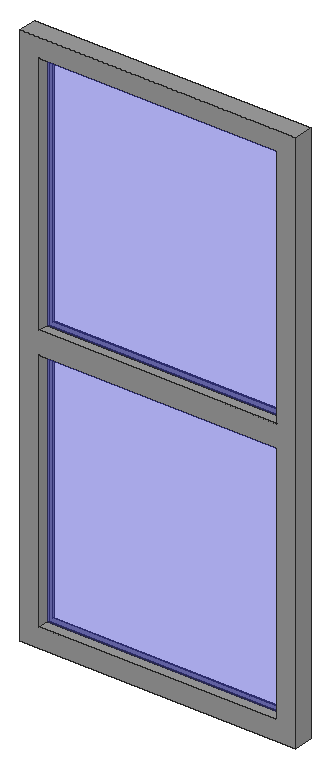
Revit family "12PL FX004_v02", category Windows, host Wall, Revit 2015
Parameters
  URL = "obe.com"
  Transom Height = 3' - 0"
  Model = "12PL FX004"
  Manufacturer = "Oldcastle BuildingEnvelope®"
  Keynote = "08 51 00"
  Fixed Height = 3' - 0"
  Wall Thickness [instance] = 0' - 6"
  Rough Width = Width + 0' 0 1/2"  # 3' - 0 1/2"
  Rough Height = Height + 0' 0 1/2"  # 6' - 0 1/2"
  Offset Limitation [instance] = if((Offset + 0' 2 1/2") > Wall Thickness, (Wall Thickness - 0' 2 1/2"), Offset)  # 0' - 0"
  Offset [instance] = 0' - 0"
  Height = Fixed Height + Transom Height  # 6' - 0"
  Glass Material = Glass
  Frame Material = Aluminum
  Description = "SIGNATURE SERIES 12PL"
  Default Sill Height = 2' - 0"
  Wall Closure = By host
  Width = 3' - 0"
  Construction Type = ""
  Assembly Code = "B2020"
Reference planes (in)
  plane 1 "Center (Front/Back)": y = 0
  plane 2: z = 0
  plane 3 "Center (Left/Right)": x = 0
  plane 4 "Left": x = -18.25
  plane 5 "Right": x = 18.25
  plane 6 "Sill": z = 24
  plane 7 "Top": z = 96.5
  plane 8 "Offset": y = 3
  plane 9: x = 18
  plane 10: x = -18
  plane 11: z = 96.25
  plane 12: z = 24.25
  plane 13 "Center": z = 60.25
  plane 14: z = 59.3125
  plane 15: z = 26
  plane 16: z = 61.1875
  plane 17: z = 94.5
Forms (in)
  Sweep 1, solid, material "Aluminum" <- "Frame Material"
    path origin (0, 3, 0) x (1, 0, 0) y (0, 0, 1)
      loop
        line (-18, 96.5) -> (-18, 24)
    profile origin (-18, 3, 60.25) x (0, -1, 0) y (1, 0, 0)
      loop
        line (2.49911, 2.25) -> (1.21875, 2.25) -> (1.21875, 1.75) -> (0.21875, 1.75) -> (0.21875, 2.25) -> (0, 2.25) -> (0, -0.25) -> (2.49911, -0.25) -> (2.49911, 2.25)
  Sweep 2, solid, material "Aluminum" <- "Frame Material"
    path origin (0, 3, 0) x (-1, 0, 0) y (0, 0, 1)
      loop
        line (-18, 96.5) -> (-18, 24)
    profile origin (18, 3, 60.25) x (0, -1, 0) y (1, 0, 0)
      loop
        line (2.49911, -2.25) -> (2.49911, 0.25) -> (0, 0.25) -> (0, -2.25) -> (0.21875, -2.25) -> (0.21875, -1.75) -> (1.21875, -1.75) -> (1.21875, -2.25) -> (2.49911, -2.25)
  Sweep 3, solid, material "Aluminum" <- "Frame Material"
    path origin (0, 3, 0) x (1, 0, 0) y (0, 0, 1)
      loop
        line (-18.25, 96.25) -> (18.25, 96.25)
    profile origin (0, 3, 96.25) x (0, 0, 1) y (0, -1, 0)
      loop
        line (0.25, 2.5) -> (-2.25, 2.5) -> (-2.25, 1.21875) -> (-1.75, 1.21875) -> (-1.75, 0.21875) -> (-2.25, 0.21875) -> (-2.25, 0) -> (0.25, 0) -> (0.25, 2.5)
  Sweep 4, solid, material "Aluminum" <- "Frame Material"
    path origin (0, 3, 120.5) x (1, 0, 0) y (0, 0, -1)
      loop
        line (-18.25, 96.25) -> (18.25, 96.25)
    profile origin (0, 3, 24.25) x (0, 0, 1) y (0, -1, 0)
      loop
        line (-0.25, 2.5) -> (-0.25, 0) -> (2.25, 0) -> (2.25, 0.21875) -> (1.75, 0.21875) -> (1.75, 1.21875) -> (2.25, 1.21875) -> (2.25, 2.5) -> (-0.25, 2.5)
  Sweep 5, solid, material "Aluminum" <- "Frame Material"
    path origin (0, 3, 0) x (1, 0, 0) y (0, 0, 1)
      loop
        line (-18.25, 60.25) -> (18.25, 60.25)
    profile origin (0, 3, 60.25) x (0, 0, 1) y (0, -1, 0)
      loop
        line (-0.9375, 0.21875) -> (-1.4375, 0.21875) -> (-1.4375, 0) -> (1.4375, 0) -> (1.4375, 0.21875) -> (0.9375, 0.21875) -> (0.9375, 1.21875) -> (1.4375, 1.21875) -> (1.4375, 2.5) -> (-1.438, 2.5) -> (-1.438, 1.21875) -> (-0.9375, 1.21875) -> (-0.9375, 0.21875)
  Extrusion 6, solid, material "Glass" <- "Glass Material", detail levels coarse
    sketch origin (0, 0, 24) x (0, -1, 0) y (1, 0, 0)
      loop
        line (-2.78125, -16.25) -> (-1.78125, -16.25) -> (-1.78125, 16.25) -> (-2.78125, 16.25) -> (-2.78125, -16.25)
    from 2 to 35.3125
  Extrusion 7, solid, material "Glass" <- "Glass Material", detail levels coarse
    sketch origin (0, 0, 66) x (0, -1, 0) y (1, 0, 0)
      loop
        line (-2.78125, -16.25) -> (-1.78125, -16.25) -> (-1.78125, 16.25) -> (-2.78125, 16.25) -> (-2.78125, -16.25)
    from -4.8125 to 28.5
  Extrusion 8, solid, material "Glass" <- "Glass Material", detail levels medium+fine
    sketch origin (0, 0, 24) x (0, -1, 0) y (1, 0, 0)
      loop
        line (-2.78125, -16.25) -> (-2.53125, -16.25) -> (-2.53125, 16.25) -> (-2.78125, 16.25) -> (-2.78125, -16.25)
      loop
        line (-2.01855, 16.25) -> (-2.01855, -16.25) -> (-1.78125, -16.25) -> (-1.78125, 16.25) -> (-2.01855, 16.25)
    from 2 to 35.3125
  Extrusion 9, solid, material "Glass" <- "Glass Material", detail levels medium+fine
    sketch origin (0, 0, 0) x (1, 0, 0) y (0, 1, 0)
      loop
        line (16.25, 2.78125) -> (-16.25, 2.78125) -> (-16.25, 2.53125) -> (16.25, 2.53125) -> (16.25, 2.78125)
      loop
        line (-16.25, 2.01855) -> (-16.25, 1.78125) -> (16.25, 1.78125) -> (16.25, 2.01855) -> (-16.25, 2.01855)
    from 61.1875 to 94.5
Cuts and joins
  joined: Sweep 1, Sweep 2, Sweep 3, Sweep 4, Sweep 5
Lines and regions (in)
  Opening 1
    outline origin (-60, -3, 0) x (1, 0, 0) y (0, 0, 1)
      loop
        line (41.75, 96.5) -> (41.75, 24) -> (78.25, 24) -> (78.25, 96.5) -> (41.75, 96.5)
Text (in)
  text "EXTERIOR" at (-58.6888, 65.90694, 0), in view "Ref. Level"
  text "INTERIOR" at (-58.6888, -67.76638, 0), in view "Ref. Level"
  text "Exterior" at (0, 43.65631, 123.19604), in view "Left"
  text "Exterior" at (0, 18.29385, 125.04747), in view "Right"
  text "Min Size\n\n14\" width x 14\" height\n\n\n\nMax Size\n\n99\" x 99\"\n\n\n\nMax Area\n\n40 square feet" at (92.63041, 65.90694, 0), in view "Ref. Level"
Dimensions and locks (in)
  equal spacing: plane 4 "Left", plane 3 "Center (Left/Right)", plane 5 "Right"
  "Rough Width": plane 4 "Left" to plane 5 "Right"
  "Rough Height": plane 6 "Sill" to plane 7 "Top"
  "Default Sill Height": plane 2 to plane 6 "Sill"
  "Offset Limitation": host wall to plane 8 "Offset"
  "Fixed Height": plane 12 to plane 13 "Center"
  "Transom Height": plane 13 "Center" to plane 11
  "Width": plane 10 to plane 9
  plane 9 to plane 5 "Right" = 0' - 0 1/4"
  locked: plane 6 "Sill" to plane 12 at 0.25
  "Wall Thickness": host wall to host wall
  plane 8 "Offset" to Extrusion 6 sketch curve to Extrusion 6 sketch curve = 0' - 0 7/32" locked, 0' - 1" locked
  plane 8 "Offset" to Extrusion 7 sketch curve to Extrusion 7 sketch curve = 0' - 0 7/32" locked, 0' - 1" locked
  locked: plane 12 to plane 15 at 1.75
  locked: plane 17 to plane 11 at 1.75
  plane 14 to plane 13 "Center" to plane 16 = 0' - 0 15/16" locked, 0' - 0 15/16" locked
  Extrusion 8 sketch curve to Extrusion 8 sketch curve to Extrusion 8 sketch curve to Extrusion 8 sketch curve to plane 8 "Offset" = 0' - 0.2373" locked, 0' - 0.5127" locked, 0' - 0 1/4" locked, 0' - 0 7/32" locked
  Extrusion 9 sketch curve to Extrusion 9 sketch curve to Extrusion 9 sketch curve to Extrusion 9 sketch curve to plane 8 "Offset" = 0' - 0.2373" locked, 0' - 0.5127" locked, 0' - 0 1/4" locked, 0' - 0 7/32" locked
  aligned and locked: plane 7 "Top" to Opening 1 sketch curve
  aligned and locked: plane 6 "Sill" to Opening 1 sketch curve  (x2)
  aligned and locked: plane 5 "Right" to Opening 1 sketch curve
  aligned and locked: plane 4 "Left" to Opening 1 sketch curve
  aligned and locked: level to plane 2
  aligned and locked: plane 10 to Sweep 1 sketch curve
  aligned and locked: Sweep 2 sketch curve to plane 9
  aligned and locked: plane 11 to Sweep 3 sketch curve
  aligned and locked: Sweep 4 sketch curve to plane 12
  aligned and locked: plane 13 "Center" to Sweep 5 sketch curve
  aligned and locked: Extrusion 6 to plane 14
  aligned and locked: plane 15 to Extrusion 6
  aligned and locked: plane 16 to Extrusion 7
  aligned and locked: Extrusion 7 to plane 17
  aligned and locked: plane 15 to Extrusion 8
  aligned and locked: Extrusion 9 to plane 17
  aligned and locked: plane 16 to Extrusion 9
  aligned and locked: cut or joined group of Sweep 1, Sweep 2, Sweep 3, Sweep 4, Sweep 5 to plane 16
  aligned and locked: plane 17 to cut or joined group of Sweep 1, Sweep 2, Sweep 3, Sweep 4, Sweep 5
  aligned and locked: Extrusion 8 to plane 14
Automatic sketch dimensions
  Sweep 1 sketch curve to plane 6 "Sill" = 0' - 0"
  Sweep 1 sketch curve to plane 7 "Top" = 0' - 0"
  plane 8 "Offset" to Sweep 1 sketch curve = 0' - 0"
  plane 8 "Offset" to Sweep 1 sketch curve = 0' - 0 7/32"
  Sweep 1 sketch curve to Sweep 1 sketch curve = 0' - 1"
  profile plane to Sweep 1 sketch curve = 0' - 0 1/4"
  Sweep 1 sketch curve to Sweep 1 sketch curve = 0' - 1.28036"
  Sweep 1 sketch curve to profile plane = 0' - 1 3/4"
  Sweep 1 sketch curve to Sweep 1 sketch curve = 0' - 0 1/2"  (x2)
  Sweep 2 sketch curve to plane 6 "Sill" = 0' - 0"
  Sweep 2 sketch curve to plane 7 "Top" = 0' - 0"
  plane 8 "Offset" to Sweep 2 sketch curve = 0' - 0"
  plane 8 "Offset" to Sweep 2 sketch curve = 0' - 0 7/32"
  Sweep 2 sketch curve to Sweep 2 sketch curve = 0' - 1"
  Sweep 2 sketch curve to profile plane = 0' - 0 1/4"
  Sweep 2 sketch curve to Sweep 2 sketch curve = 0' - 1.28036"
  profile plane to Sweep 2 sketch curve = 0' - 1 3/4"
  Sweep 2 sketch curve to Sweep 2 sketch curve = 0' - 0 1/2"  (x2)
  plane 4 "Left" to Sweep 3 sketch curve = 0' - 0"
  plane 5 "Right" to Sweep 3 sketch curve = 0' - 0"
  Sweep 3 sketch curve to plane 8 "Offset" = 0' - 0"
  plane 8 "Offset" to Sweep 3 sketch curve = 0' - 0 7/32"
  profile plane to Sweep 3 sketch curve = 0' - 2 1/4"  (x2)
  Sweep 3 sketch curve to Sweep 3 sketch curve = 0' - 0 1/2"
  Sweep 3 sketch curve to profile plane = 0' - 0 1/4"
  Sweep 3 sketch curve to Sweep 3 sketch curve = 0' - 1"
  Sweep 3 sketch curve to Sweep 3 sketch curve = 0' - 1 9/32"
  plane 4 "Left" to Sweep 4 sketch curve = 0' - 0"
  plane 5 "Right" to Sweep 4 sketch curve = 0' - 0"
  Sweep 4 sketch curve to plane 8 "Offset" = 0' - 0"
  profile plane to Sweep 4 sketch curve = 0' - 0 1/4"
  Sweep 4 sketch curve to profile plane = 0' - 1 3/4"
  Sweep 4 sketch curve to Sweep 4 sketch curve = 0' - 0 1/2"  (x2)
  plane 8 "Offset" to Sweep 4 sketch curve = 0' - 0 7/32"
  Sweep 4 sketch curve to Sweep 4 sketch curve = 0' - 1"
  Sweep 4 sketch curve to Sweep 4 sketch curve = 0' - 1 9/32"
  plane 4 "Left" to Sweep 5 sketch curve = 0' - 0"
  plane 5 "Right" to Sweep 5 sketch curve = 0' - 0"
  Sweep 5 sketch curve to plane 8 "Offset" = 0' - 0"
  profile plane to Sweep 5 sketch curve = 0' - 1.438"
  Sweep 5 sketch curve to Sweep 5 sketch curve = 0' - 0.0005"
  Sweep 5 sketch curve to Sweep 5 sketch curve = 0' - 0.5005"
  plane 8 "Offset" to Sweep 5 sketch curve = 0' - 0 7/32"  (x2)
  Sweep 5 sketch curve to profile plane = 0' - 0 15/16"
  Sweep 5 sketch curve to Sweep 5 sketch curve = 0' - 0 1/2"  (x2)
  Sweep 5 sketch curve to Sweep 5 sketch curve = 0' - 1"  (x2)
  Sweep 5 sketch curve to Sweep 5 sketch curve = 0' - 1 9/32"
  Extrusion 6 sketch curve to plane 10 = 0' - 1 3/4"
  plane 9 to Extrusion 6 sketch curve = 0' - 1 3/4"
  Extrusion 7 sketch curve to plane 10 = 0' - 1 3/4"
  plane 9 to Extrusion 7 sketch curve = 0' - 1 3/4"
  Extrusion 8 sketch curve to plane 10 = 0' - 1 3/4"
  Extrusion 8 sketch curve to Extrusion 8 sketch curve = 0' - 0"  (x2)
  plane 9 to Extrusion 8 sketch curve = 0' - 1 3/4"
  Extrusion 9 sketch curve to plane 10 = 0' - 1 3/4"
  Extrusion 9 sketch curve to Extrusion 9 sketch curve = 0' - 0"  (x2)
  plane 9 to Extrusion 9 sketch curve = 0' - 1 3/4"
